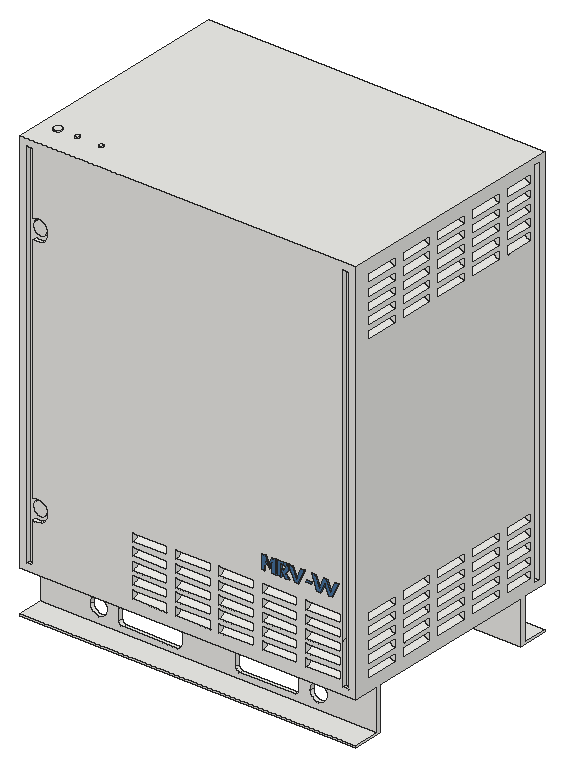
Revit family "bimlib_narujnyeblokisistemakondicionirovaniya_mrv-w_haier", category Оборудование, Revit 2020 (continued)
Types (3, lengths in mm): name | Охлаждение_Номинальный ток | Охлаждение_Номинальная потребляемая мощность | Охлаждение_Максимальный ток | Охлаждение_Максимальная потребляемая мощность | Обогрев_Номинальный ток | Обогрев_Максимальный ток | Обогрев_Номинальная потребляемая мощность | Обогрев_Максимальная потребляемая мощность | Холодопроизводительность | Теплопроизводительность | Звуковое давление | Звуковая мощность | HG_Расход воды | Диаметр_Жидкость | Диаметр_Газ | ADSK_Расход воздуха | ADSK_Полная мощность | ADSK_Номинальная мощность | ADSK_Наименование краткое | ADSK_Наименование | ADSK_Код изделия
  AV08IMWEWA_8HP_HAIER | 7.2 A | 4.5 kW | 20.79 A | 13 kW | 6.64 A | 20.79 A | 4.15 kW | 13 kW | 22.4 kW | 25 kW | "50" | "61" | 1.3 L/s | 9.52 | 19.05 | 12000.0 m³/h | 4500 VA | 4500 W | "VRF-системы MRV-W, 8HP" | "Наружный блок VRF-системы кондиционирования MRV-W, 8HP" | "AV08IMWEWA"
  AV10IMWEWA_10HP_HAIER | 9.6 A | 6 kW | 23.99 A | 15 kW | 9.28 A | 23.99 A | 5.8 kW | 15 kW | 28 kW | 31.5 kW | "51" | "62" | 1.67 L/s | 9.52 | 22.22 | 12000.0 m³/h | 6000 VA | 6000 W | "VRF-системы MRV-W, 10HP" | "Наружный блок VRF-системы кондиционирования MRV-W, 10HP" | "AV10IMWEWA"
  AV12IMWEWA_12HP_HAIER | 12.32 A | 7.7 kW | 27.19 A | 17 kW | 12.47 A | 27.19 A | 7.8 kW | 17 kW | 33.5 kW | 37.5 kW | "53" | "64" | 2.0 L/s | 12.70 | 25.40 | 13500.0 m³/h | 7700 VA | 7700 W | "VRF-системы MRV-W, 12HP" | "Наружный блок VRF-системы кондиционирования MRV-W, 12HP" | "AV12IMWEWA"
